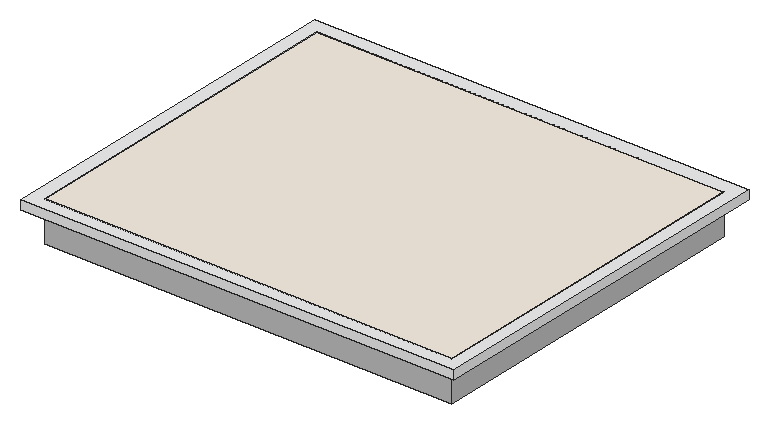
Revit family "Lighting-Industriale-GEWISS-ELIA-HL-LED_RIFLETTORE", category Apparecchi per illuminazione, host Superficie, Revit 2019 (continued)
Parameters (values of type "GWF1001QM840 - ELIA HL L2 120° 4000K S.ALONE DALI")
    .10 937.30 875.00 816.48 760.76 707.28 656.18 \r\n607.32 560.42 515.76 472.78 430.22 389.48 351.68 315.98 \r\n282.38 250.88 221.75 194.63 169.27 145.60 123.31 102.66 \r\n83.69 66.56 51.24 38.23 28.15 20.48 15.09 11.57 9.41 8.79 \r\n8142.40 8142.40 8143.80 8143.80 8146.60 8148.00 8150.80 \r\n8153.60 8156.40 8159.20 8162.00 8167.60 8173.20 8177.40 \r\n8183.00 8190.00 8197.00 8204.00 8211.00 8219.40 8226.40 \r\n8234.80 8244.60 8253.00 8261.40 8269.80 8278.20 8286.60 \r\n8295.00 8303.40 8311.80 8321.60 8330.00 8339.80 8349.60 \r\n8359.40 8369.20 8379.00 8390.20 8398.60 8409.80 8421.00 \r\n8430.80 8442.00 8453.20 8463.00 8475.60 8486.80 8499.40 \r\n8510.60 8523.20 8535.80 8547.00 8558.20 8570.80 8582.00 \r\n8593.20 8603.00 8614.20 8622.60 8629.60 8638.00 8643.60 \r\n8649.20 8653.40 8654.80 8657.60 8657.60 8656.20 8654.80 \r\n8652.00 8647.80 8642.20 8635.20 8626.80 8615.60 8603.00 \r\n8587.60 8570.80 8551.20 8531.60 8507.80 8482.60 8456.00 \r\n8428.00 8398.60 8365.00 8330.00 8293.60 8253.00 8211.00 \r\n8164.80 8113.00 8059.80 7998.20 7926.80 7844.20 7754.60 \r\n7656.60 7548.80 7435.40 7319.20 7200.20 7077.00 6946.80 \r\n6806.80 6658.40 6501.60 6332.20 6154.40 5969.60 5783.40 \r\n5598.60 5416.60 5238.80 5062.40 4891.60 4727.80 4564.00 \r\n4401.60 4239.20 4081.00 3925.60 3775.80 3627.40 3483.20 \r\n3340.40 3200.40 3063.20 2928.80 2798.32 2670.36 2546.60 \r\n2425.64 2308.88 2198.84 2091.74 1984.50 1879.22 1778.14 \r\n1679.30 1581.02 1485.40 1394.40 1307.32 1224.58 1146.32 \r\n1072.96 1003.66 937.72 875.42 816.62 760.90 707.56 656.46 \r\n607.60 560.70 515.76 472.64 430.22 389.62 351.82 316.26 \r\n282.74 251.22 222.19 195.12 169.64 145.81 123.54 102.90 \r\n83.87 66.70 51.41 38.42 28.29 20.59 15.19 11.65 9.46 8.80 \r\n8142.40 8142.40 8143.80 8143.80 8146.60 8148.00 8149.40 \r\n8153.60 8156.40 8159.20 8163.40 8167.60 8173.20 8177.40 \r\n8184.40 8190.00 8197.00 8205.40 8212.40 8219.40 8229.20 \r\n8236.20 8244.60 8253.00 8261.40 8269.80 8278.20 8286.60 \r\n8295.00 8303.40 8313.20 8321.60 8331.40 8339.80 8349.60 \r\n8359.40 8369.20 8380.40 8390.20 8400.00 8409.80 8421.00 \r\n8432.20 8442.00 8453.20 8464.40 8477.00 8488.20 8500.80 \r\n8513.40 8526.00 8537.20 8549.80 8561.00 8572.20 8583.40 \r\n8594.60 8605.80 8615.60 8624.00 8632.40 8639.40 8645.00 \r\n8650.60 8654.80 8657.60 8657.60 8657.60 8657.60 8656.20 \r\n8653.40 8649.20 8643.60 8636.60 8628.20 8617.00 8604.40 \r\n8589.00 8570.80 8552.60 8531.60 8509.20 8484.00 8457.40 \r\n8429.40 8400.00 8366.40 8331.40 8295.00 8255.80 8213.80 \r\n8167.60 8115.80 8062.60 7999.60 7926.80 7845.60 7753.20 \r\n7655.20 7547.40 7434.00 7317.80 7198.80 7075.60 6946.80 \r\n6806.80 6658.40 6500.20 6332.20 6153.00 5968.20 5782.00 \r\n5595.80 5416.60 5238.80 5063.80 4891.60 4726.40 4564.00 \r\n4400.20 4239.20 4081.00 3927.00 3775.80 3628.80 3483.20 \r\n3340.40 3200.40 3063.20 2928.80 2797.62 2670.92 2547.44 \r\n2427.74 2311.96 2201.92 2094.54 1986.32 1880.20 1778.70 \r\n1679.58 1581.16 1485.54 1394.54 1307.74 1225.00 1146.74 \r\n1073.38 1004.08 938.00 875.56 816.76 760.90 707.70 656.88 \r\n607.74 560.84 515.76 472.50 430.22 389.76 352.10 316.54 \r\n282.95 251.51 222.57 195.55 169.96 145.98 123.72 103.12 \r\n84.06 66.82 51.56 38.61 28.45 20.70 15.28 11.73 9.51 8.81 \r\n8142.40 8142.40 8143.80 8145.20 8146.60 8146.60 8149.40 \r\n8152.20 8156.40 8159.20 8163.40 8167.60 8173.20 8177.40 \r\n8184.40 8191.40 8197.00 8205.40 8212.40 8220.80 8229.20 \r\n8237.60 8246.00 8254.40 8264.20 8272.60 8279.60 8288.00 \r\n8296.40 8306.20 8314.60 8323.00 8332.80 8339.80 8349.60 \r\n8359.40 8370.60 8380.40 8390.20 8401.40 8409.80 8421.00 \r\n8432.20 8443.40 8453.20 8464.40 8477.00 8491.00 8502.20 \r\n8514.80 8527.40 8540.00 8551.20 8563.80 8575.00 8586.20 \r\n8598.80 8608.60 8618.40 8625.40 8633.80 8642.20 8647.80 \r\n8653.40 8656.20 8657.60 8660.40 8660.40 8660.40 8657.60 \r\n8654.80 8652.00 8645.00 8636.60 8628.20 8618.40 8605.80 \r\n8589.00 8570.80 8552.60 8533.00 8509.20 8485.40 8457.40 \r\n8429.40 8401.40 8367.80 8332.80 8296.40 8257.20 8213.80 \r\n8169.00 8117.20 8064.00 8001.00 7926.80 7844.20 7754.60 \r\n7653.80 7546.00 7432.60 7315.00 7197.40 7074.20 6945.40 \r\n6806.80 6657.00 6500.20 6332.20 6151.60 5966.80 5780.60 \r\n5594.40 5413.80 5238.80 5063.80 4893.00 4726.40 4564.00 \r\n4401.60 4240.60 4081.00 3927.00 3775.80 3628.80 3483.20 \r\n3340.40 3200.40 3063.20 2930.20 2798.32 2671.34 2548.42 \r\n2429.84 2315.32 2205.00 2096.92 1987.72 1880.76 1778.98 \r\n1679.86 1581.16 1485.54 1394.54 1307.74 1225.14 1147.16 \r\n1073.80 1004.36 938.28 875.70 816.76 760.90 707.84 657.16 \r\n608.02 560.84 515.62 472.08 429.94 389.90 352.10 316.68 \r\n283.08 251.72 222.88 195.93 170.20 146.10 123.86 103.31 \r\n84.20 66.92 51.72 38.79 28.60 20.80 15.36 11.80 9.56 8.82 \r\n8142.40 8142.40 8143.80 8145.20 8146.60 8148.00 8149.40 \r\n8152.20 8156.40 8159.20 8163.40 8167.60 8173.20 8177.40 \r\n8184.40 8191.40 8197.00 8205.40 8213.80 8220.80 8229.20 \r\n8237.60 8246.00 8255.80 8264.20 8272.60 8281.00 8289.40 \r\n8297.80 8306.20 8314.60 8323.00 8332.80 8342.60 8349.60 \r\n8360.80 8370.60 8380.40 8390.20 8401.40 8411.20 8421.00 \r\n8432.20 8443.40 8454.60 8467.20 8478.40 8491.00 8503.60 \r\n8516.20 8527.40 8541.40 8554.00 8565.20 8576.40 8589.00 \r\n8600.20 8611.40 8619.80 8628.20 8635.20 8643.60 8649.20 \r\n8653.40 8656.20 8660.40 8660.40 8661.80 8660.40 8659.00 \r\n8656.20 8652.00 8646.40 8639.40 8629.60 8618.40 8604.40 \r\n8590.40 8572.20 8554.00 8534.40 8510.60 8484.00 8458.80 \r\n8430.80 8401.40 8369.20 8334.20 8297.80 8257.20 8215.20 \r\n8171.80 8120.00 8065.40 8002.40 7928.20 7845.60 7753.20 \r\n7652.40 7543.20 7429.80 7313.60 7196.00 7074.20 6945.40 \r\n6806.80 6657.00 6498.80 6330.80 6150.20 5965.40 5777.80 \r\n5594.40 5413.80 5238.80 5063.80 4893.00 4727.80 4564.00 \r\n4401.60 4240.60 4082.40 3927.00 3775.80 3627.40 3483.20 \r\n3341.80 3201.80 3064.60 2930.20 2798.46 2671.76 2549.26 \r\n2431.80 2318.12 2207.80 2099.02 1989.12 1881.18 1778.98 \r\n1679.86 1581.02 1485.12 1394.26 1307.60 1225.14 1147.02 \r\n1073.66 1004.50 938.28 875.70 816.62 760.76 707.84 657.30 \r\n608.16 560.84 515.34 471.80 429.80 389.76 352.10 316.68 \r\n283.22 251.86 223.13 196.25 170.39 146.16 123.96 103.45 \r\n84.31 67.00 51.84 38.99 28.75 20.90 15.44 11.87 9.59 8.82 \r\n8142.40 8142.40 8143.80 8145.20 8146.60 8148.00 8149.40 \r\n8152.20 8156.40 8159.20 8163.40 8167.60 8173.20 8178.80 \r\n8184.40 8191.40 8197.00 8205.40 8213.80 8222.20 8229.20 \r\n8237.60 8247.40 8255.80 8264.20 8272.60 8281.00 8289.40 \r\n8299.20 8306.20 8314.60 8324.40 8332.80 8342.60 8351.00 \r\n8360.80 8370.60 8380.40 8390.20 8401.40 8411.20 8421.00 \r\n8432.20 8443.40 8454.60 8467.20 8478.40 8492.40 8505.00 \r\n8517.60 8530.20 8542.80 8555.40 8568.00 8579.20 8591.80 \r\n8603.00 8612.80 8621.20 8629.60 8638.00 8645.00 8649.20 \r\n8654.80 8659.00 8660.40 8663.20 8663.20 8663.20 8660.40 \r\n8657.60 8654.80 8647.80 8639.40 8629.60 8619.80 8605.80 \r\n8590.40 8572.20 8554.00 8533.00 8510.60 8485.40 8458.80 \r\n8430.80 8401.40 8370.60 8335.60 8299.20 8260.00 8218.00 \r\n8171.80 8122.80 8068.20 8003.80 7929.60 7844.20 7751.80 \r\n7651.00 7541.80 7428.40 7313.60 7194.60 7072.80 6944.00 \r\n6805.40 6655.60 6497.40 6328.00 6150.20 5964.00 5777.80 \r\n5591.60 5413.80 5238.80 5065.20 4894.40 4727.80 4562.60 \r\n4401.60 4240.60 4082.40 3928.40 3775.80 3627.40 3483.20 \r\n3341.80 3201.80 3064.60 2930.20 2798.60 2671.90 2549.82 \r\n2433.48 2320.64 2210.18 2100.84 1989.82 1881.18 1778.84 \r\n1679.44 1580.32 1484.42 1393.70 1307.32 1224.86 1146.74 \r\n1073.52 1004.36 938.28 875.56 816.34 760.34 707.70 657.30 \r\n608.16 560.70 515.06 471.38 429.52 389.62 352.10 316.68 \r\n283.08 251.90 223.29 196.46 170.51 146.17 124.00 103.56 \r\n84.39 67.05 51.95 39.16 28.91 20.99 15.51 11.92 9.62 8.83 \r\n8142.40 8142.40 8143.80 8145.20 8146.60 8148.00 8149.40 \r\n8152.20 8155.00 8159.20 8163.40 8167.60 8173.20 8178.80 \r\n8185.80 8191.40 8198.40 8205.40 8213.80 8222.20 8230.60 \r\n8240.40 8248.80 8257.20 8265.60 8275.40 8282.40 8290.80 \r\n8299.20 8307.60 8316.00 8325.80 8332.80 8342.60 8351.00 \r\n8360.80 8370.60 8380.40 8390.20 8401.40 8412.60 8421.00 \r\n8433.60 8443.40 8454.60 8468.60 8479.80 8492.40 8505.00 \r\n8519.00 8531.60 8544.20 8556.80 8569.40 8580.60 8593.20 \r\n8604.40 8614.20 8624.00 8631.00 8639.40 8645.00 8652.00 \r\n8656.20 8659.00 8663.20 8664.60 8664.60 8664.60 8661.80 \r\n8659.00 8654.80 8647.80 8640.80 8631.00 8619.80 8605.80 \r\n8590.40 8573.60 8554.00 8533.00 8509.20 8485.40 8460.20 \r\n8432.20 8401.40 8370.60 8337.00 8299.20 8261.40 8219.40 \r\n8174.60 8124.20 8069.60 8005.20 7931.00 7845.60 7750.40 \r\n7649.60 7540.40 7427.00 7312.20 7194.60 7072.80 6945.40 \r\n6804.00 6655.60 6496.00 6328.00 6147.40 5962.60 5776.40 \r\n5591.60 5413.80 5238.80 5065.20 4895.80 4727.80 4564.00 \r\n4401.60 4240.60 4083.80 3928.40 3775.80 3627.40 3481.80 \r\n3341.80 3201.80 3064.60 2931.60 2798.88 2672.18 2550.52 \r\n2434.88 2322.74 2211.86 2101.96 1990.24 1881.04 1778.14 \r\n1678.60 1579.48 1483.58 1393.00 1306.62 1224.30 1146.32 \r\n1073.10 1003.94 937.86 875.28 815.92 759.92 707.42 657.30 \r\n608.02 560.42 514.64 470.82 429.10 389.34 351.96 316.54 \r\n283.08 251.86 223.34 196.57 170.55 146.10 123.98 103.61 \r\n84.43 67.09 52.05 39.33 29.04 21.08 15.57 11.96 9.64 8.83 \r\n8142.40 8142.40 8143.80 8145.20 8146.60 8148.00 8149.40 \r\n8152.20 8155.00 8159.20 8163.40 8167.60 8173.20 8178.80 \r\n8185.80 8191.40 8199.80 8206.80 8215.20 8223.60 8232.00 \r\n8240.40 8248.80 8257.20 8267.00 8275.40 8283.80 8292.20 \r\n8300.60 8309.00 8317.40 8325.80 8334.20 8342.60 8351.00 \r\n8360.80 8370.60 8380.40 8391.60 8401.40 8412.60 8422.40 \r\n8433.60 8444.80 8457.40 8468.60 8479.80 8493.80 8506.40 \r\n8520.40 8534.40 8547.00 8558.20 8572.20 8583.40 8596.00 \r\n8605.80 8617.00 8625.40 8633.80 8640.80 8647.80 8653.40 \r\n8657.60 8660.40 8663.20 8664.60 8666.00 8664.60 8663.20 \r\n8660.40 8654.80 8650.60 8640.80 8631.00 8619.80 8607.20 \r\n8590.40 8573.60 8554.00 8534.40 8510.60 8485.40 8460.20 \r\n8432.20 8402.80 8372.00 8337.00 8300.60 8262.80 8219.40 \r\n8176.00 8128.40 8071.00 8006.60 7931.00 7847.00 7751.80 \r\n7648.20 7539.00 7425.60 7310.80 7191.80 7071.40 6944.00 \r\n6804.00 6654.20 6494.60 6326.60 6147.40 5962.60 5775.00 \r\n5588.80 5411.00 5238.80 5065.20 4894.40 4727.80 4564.00 \r\n4401.60 4242.00 4083.80 3929.80 3775.80 3627.40 3481.80 \r\n3340.40 3201.80 3064.60 2931.60 2798.60 2672.60 2550.94 \r\n2435.86 2324.28 2213.12 2102.66 1990.24 1880.20 1777.16 \r\n1677.62 1578.36 1482.32 1391.88 1305.64 1223.32 1145.62 \r\n1072.54 1003.38 937.16 874.58 815.36 759.36 707.00 657.02 \r\n607.74 560.14 514.08 470.26 428.68 389.06 351.68 316.40 \r\n282.94 251.72 223.27 196.59 170.48 145.96 123.91 103.61 \r\n84.43 67.09 52.12 39.45 29.15 21.16 15.63 11.99 9.66 8.83 \r\n8142.40 8142.40 8143.80 8145.20 8145.20 8148.00 8149.40 \r\n8152.20 8155.00 8159.20 8163.40 8169.00 8173.20 8180.20 \r\n8185.80 8191.40 8199.80 8206.80 8215.20 8223.60 8232.00 \r\n8240.40 8248.80 8258.60 8267.00 8275.40 8283.80 8292.20 \r\n8300.60 8309.00 8317.40 8325.80 8334.20 8344.00 8351.00 \r\n8360.80 8370.60 8380.40 8390.20 8400.00 8411.20 8422.40 \r\n8433.60 8444.80 8456.00 8468.60 8481.20 8495.20 8507.80 \r\n8521.80 8534.40 8547.00 8561.00 8572.20 8584.80 8596.00 \r\n8607.20 8617.00 8626.80 8633.80 8642.20 8647.80 8653.40 \r\n8657.60 8661.80 8663.20 8666.00 8667.40 8664.60 8663.20 \r\n8660.40 8654.80 8649.20 8640.80 8631.00 8619.80 8605.80 \r\n8590.40 8573.60 8554.00 8533.00 8510.60 8484.00 8458.80 \r\n8432.20 8402.80 8372.00 8337.00 8300.60 8262.80 8220.80 \r\n8177.40 8129.80 8072.40 8008.00 7932.40 7848.40 7753.20 \r\n7649.60 7539.00 7425.60 7309.40 7191.80 7070.00 6942.60 \r\n6802.60 6652.80 6493.20 6325.20 6146.00 5962.60 5776.40 \r\n5590.20 5412.40 5238.80 5066.60 4897.20 4729.20 4565.40 \r\n4401.60 4242.00 4086.60 3931.20 3778.60 3628.80 3484.60 \r\n3341.80 3203.20 3067.40 2931.60 2800.56 2673.58 2551.08 \r\n2434.74 2321.90 2210.04 2099.30 1986.88 1876.98 1773.94 \r\n1674.40 1575.28 1479.24 1388.66 1302.56 1220.52 1142.96 \r\n1070.02 1001.00 935.20 872.62 813.54 757.68 705.60 655.62 \r\n606.48 559.02 513.24 469.42 427.70 387.94 350.84 315.84 \r\n282.38 250.91 222.46 195.80 169.79 145.40 123.45 103.28 \r\n84.17 66.91 52.04 39.45 29.20 21.22 15.65 11.96 9.63 8.82 \r\n8142.40 8142.40 8143.80 8145.20 8145.20 8148.00 8149.40 \r\n8152.20 8155.00 8159.20 8163.40 8169.00 8173.20 8180.20 \r\n8185.80 8191.40 8199.80 8208.20 8215.20 8223.60 8232.00 \r\n8241.80 8251.60 8260.00 8268.40 8275.40 8283.80 8293.60 \r\n8302.00 8309.00 8317.40 8325.80 8334.20 8344.00 8351.00 \r\n8360.80 8369.20 8380.40 8390.20 8400.00 8411.20 8422.40 \r\n8433.60 8444.80 8456.00 8468.60 8481.20 8495.20 8507.80 \r\n8523.20 8535.80 8549.80 8561.00 8575.00 8586.20 8598.80 \r\n8610.00 8619.80 8628.20 8636.60 8642.20 8649.20 8654.80 \r\n8659.00 8661.80 8666.00 8666.00 8667.40 8666.00 8663.20 \r\n8660.40 8654.80 8649.20 8640.80 8629.60 8617.00 8605.80 \r\n8589.00 8570.80 8552.60 8533.00 8509.20 8484.00 8458.80 \r\n8430.80 8401.40 8370.60 8337.00 8300.60 8262.80 8223.60 \r\n8180.20 8129.80 8073.80 8009.40 7933.80 7849.80 7754.60 \r\n7651.00 7539.00 7422.80 7308.00 7190.40 7070.00 6941.20 \r\n6799.80 6650.00 6490.40 6322.40 6146.00 5964.00 5777.80 \r\n5591.60 5413.80 5238.80 5066.60 4898.60 4730.60 4566.80 \r\n4404.40 4243.40 4086.60 3931.20 3778.60 3630.20 3484.60 \r\n3343.20 3203.20 3067.40 2933.00 2801.40 2674.42 2550.94 \r\n2433.20 2318.82 2206.40 2095.24 1982.96 1873.34 1770.44 \r\n1670.90 1571.78 1476.02 1385.30 1299.06 1217.44 1140.16 \r\n1067.36 998.48 932.68 870.38 811.58 756.00 703.78 654.08 \r\n605.08 557.76 512.12 468.44 426.58 386.96 350.14 315.28 \r\n281.68 250.03 221.54 194.94 169.02 144.76 122.95 102.89 \r\n83.89 66.70 51.94 39.44 29.24 21.28 15.66 11.93 9.59 8.80 \r\n8142.40 8142.40 8142.40 8145.20 8145.20 8148.00 8149.40 \r\n8152.20 8155.00 8159.20 8163.40 8169.00 8174.60 8180.20 \r\n8185.80 8192.80 8199.80 8208.20 8216.60 8225.00 8233.40 \r\n8243.20 8251.60 8260.00 8268.40 8276.80 8286.60 8295.00 \r\n8303.40 8310.40 8317.40 8325.80 8335.60 8344.00 8352.40 \r\n8362.20 8370.60 8380.40 8390.20 8401.40 8411.20 8422.40 \r\n8432.20 8444.80 8456.00 8470.00 8481.20 8495.20 8509.20 \r\n8523.20 8537.20 8549.80 8563.80 8575.00 8587.60 8598.80 \r\n8610.00 8619.80 8628.20 8636.60 8643.60 8650.60 8654.80 \r\n8659.00 8663.20 8666.00 8667.40 8667.40 8666.00 8663.20 \r\n8660.40 8654.80 8647.80 8639.40 8629.60 8617.00 8603.00 \r\n8589.00 8570.80 8552.60 8530.20 8509.20 8484.00 8457.40 \r\n8429.40 8401.40 8369.20 8335.60 8300.60 8264.20 8223.60 \r\n8180.20 8131.20 8075.20 8010.80 7935.20 7851.20 7757.40 \r\n7652.40 7540.40 7424.20 7308.00 7190.40 7068.60 6941.20 \r\n6799.80 6648.60 6487.60 6321.00 6144.60 5965.40 5779.20 \r\n5593.00 5415.20 5240.20 5068.00 4897.20 4730.60 4566.80 \r\n4404.40 4244.80 4088.00 3934.00 3781.40 3631.60 3486.00 \r\n3344.60 3203.20 3067.40 2933.00 2804.20 2675.40 2550.94 \r\n2431.38 2315.32 2202.34 2091.04 1978.90 1869.56 1766.66 \r\n1667.26 1568.42 1472.52 1381.94 1295.70 1214.22 1137.22 \r\n1064.56 995.82 930.30 868.28 809.62 754.18 702.10 652.40 \r\n603.54 556.50 511.14 467.60 425.60 385.84 349.30 314.72 \r\n280.84 249.09 220.57 194.00 168.21 144.10 122.42 102.48 \r\n83.58 66.49 51.83 39.40 29.26 21.33 15.67 11.88 9.54 8.79 \r\n8142.40 8142.40 8142.40 8145.20 8145.20 8148.00 8149.40 \r\n8152.20 8155.00 8159.20 8163.40 8169.00 8173.20 8180.20 \r\n8185.80 8192.80 8199.80 8208.20 8216.60 8225.00 8233.40 \r\n8243.20 8251.60 8260.00 8268.40 8278.20 8286.60 8295.00 \r\n8303.40 8311.80 8318.80 8327.20 8335.60 8344.00 8352.40 \r\n8362.20 8370.60 8380.40 8390.20 8401.40 8409.80 8421.00 \r\n8432.20 8443.40 8457.40 8468.60 8482.60 8496.60 8509.20 \r\n8523.20 8538.60 8552.60 8563.80 8577.80 8589.00 8600.20 \r\n8611.40 8621.20 8629.60 8638.00 8645.00 8652.00 8656.20 \r\n8660.40 8663.20 8666.00 8667.40 8667.40 8666.00 8663.20 \r\n8660.40 8654.80 8647.80 8639.40 8626.80 8615.60 8603.00 \r\n8586.20 8569.40 8549.80 8530.20 8506.40 8482.60 8457.40 \r\n8429.40 8400.00 8369.20 8335.60 8300.60 8264.20 8223.60 \r\n8181.60 8134.00 8076.60 8012.20 7936.60 7852.60 7757.40 \r\n7653.80 7541.80 7424.20 7308.00 7189.00 7068.60 6938.40 \r\n6797.00 6644.40 6486.20 6319.60 6144.60 5966.80 5780.60 \r\n5595.80 5416.60 5240.20 5068.00 4898.60 4732.00 4568.20 \r\n4405.80 4244.80 4088.00 3935.40 3782.80 3633.00 3487.40 \r\n3344.60 3204.60 3067.40 2934.40 2804.20 2676.24 2550.66 \r\n2429.42 2311.82 2198.14 2086.56 1974.70 1865.78 1763.02 \r\n1663.62 1564.92 1469.16 1378.30 1292.20 1211.00 1134.28 \r\n1061.62 993.02 927.7
